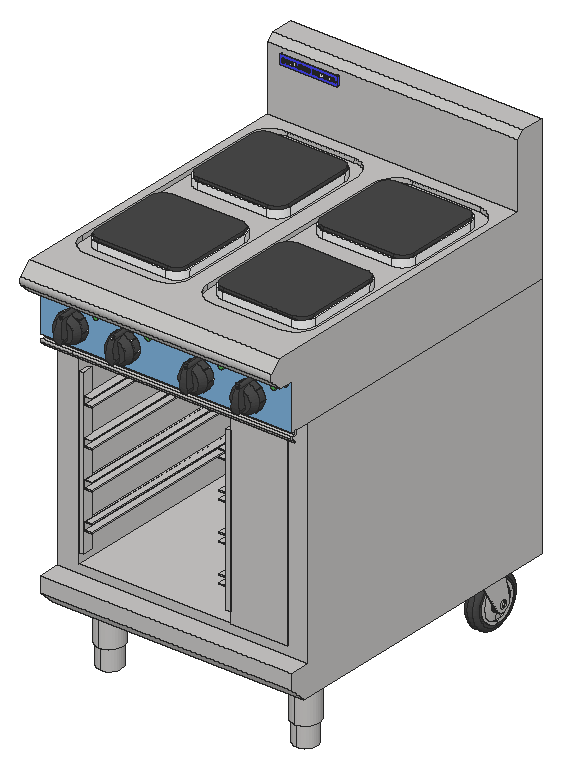
Revit family "QF_Moffat_E514S-CB_Electric_Cooktop_cat", category Specialty Equipment, Revit 2019
Family settings
  Round Connector Dimension = Use Diameter
  Part Type = Normal
  Work Plane-Based = No
  Always vertical = Yes
  Cut with Voids When Loaded = No
  Shared = No
  Room Calculation Point = No
Parameters (values of type "E514S-CB")
  Weight in Kilograms = 79
  Watts = 9130 W
  Volts = 415 V
  URL Cutsheet = ""
  Specification by User = ""
  Specification by Manufacturer = ""
  Show Logo [instance] = yes
  Show Legs [instance] = not(Show Castors)  # no
  Show Castors [instance] = yes
  Serial Number = ""
  Seismic Rating = ""
  SMACNA No = ""
  Revision Code = ""
  Phase = 2
  Number of Poles = 1
  NAFEM Spec ID Number = ""
  Model = "E514S-CB"
  Min Ckt Ampacity = 0 A
  Max Overcurrent Protection = 0 A
  Masterspec = ""
  Manufacturer = "Moffat"
  Length = 600 mm
  Item Number = ""
  Installed By = ""
  Identify Quantity as Lot = yes
  Height = 1085 mm
  HP = ""
  Furnished By = ""
  Foodservice Equipment Identifier = yes
  FL Amps = 22 A
  Electrical Remarks = ""
  Electric Connection Type = ""
  Elec Conn RI Height = 0 mm
  Elec Conn Connection Height = 0 mm
  Description = "Electric Cooktop"
  Depth = 812.2 mm
  Cycle = 60 Hz
  Conn Plug = ""
  Conn Conduit = yes
  CSI MasterFormat = ""
  Apparent Power = if(Phase = 3, Volts * FL Amps * 1.73, Volts * FL Amps)  # 9130 VA
Reference planes
  plane 1 "BACK": y = 0
  plane 2: z = 0
  plane 3 "LEFT": x = 0
  plane 4 "RIGHT": x = 600
  plane 5 "FRONT": y = -812.2
  plane 6 "TOP": z = 1085
  plane 7 "Center Y": x = 300
  plane 8 "Center X": y = -406.1
  plane 9: x = 65.5
  plane 10: x = 87.5
  plane 11: x = 211.766
  plane 12: y = -30
  plane 13: x = 470
  plane 14: x = 512.5
  plane 15: x = 388.234
  plane 16: x = 534.5
  plane 17: z = 150
  plane 18: y = -100
  plane 19: y = -625
  plane 20: z = 675
Forms (mm)
  Extrusion 1, solid, material "QF_Metal_Stainless_Polished"
    sketch origin (0, 0, 600) x (0, 1, 0) y (0, 0, 1)
      loop
        line (0, 140) -> (0, 485) -> (-55, 485) -> (-70, 470) -> (-70, 314.5) -> (-784.171, 314.5) -> (-808.685, 289.985)
        arc (-808.685, 289.985) -> (-812.2, 281.5) -> (-808.685, 273.015) r 12
        line (-808.685, 273.015) -> (-785.171, 249.5) -> (-749, 249.5) -> (-749, 140) -> (0, 140)
    from 0 to 600
  Extrusion 2, void
    sketch origin (0, -783.97, 914.5) x (0, 1, 0) y (-1, 0, 0)
      loop
        arc (683.77, -69) -> (669.125, -33.645) -> (633.77, -19) r 50
        line (633.77, -19) -> (133.569, -19)
        arc (133.569, -19) -> (98.214, -33.645) -> (83.569, -69) r 50
        line (83.569, -69) -> (83.569, -231)
        arc (83.569, -231) -> (98.214, -266.355) -> (133.569, -281) r 50
        line (133.569, -281) -> (633.77, -281)
        arc (633.77, -281) -> (669.125, -266.355) -> (683.77, -231) r 50
        line (683.77, -231) -> (683.77, -69)
      loop
        line (683.77, -531) -> (683.77, -369)
        arc (683.77, -369) -> (669.125, -333.645) -> (633.77, -319) r 50
        line (633.77, -319) -> (133.569, -319)
        arc (133.569, -319) -> (98.214, -333.645) -> (83.569, -369) r 50
        line (83.569, -369) -> (83.569, -531)
        arc (83.569, -531) -> (98.214, -566.355) -> (133.569, -581) r 50
        line (133.569, -581) -> (633.77, -581)
        arc (633.77, -581) -> (669.125, -566.355) -> (683.77, -531) r 50
    from 0 to -9.5
  Extrusion 3, solid, material "QF_Plastic_White_Smooth"
    sketch origin (0, -783.97, 905) x (0, 1, 0) y (-1, 0, 0)
      loop
        arc (647.77, -68) -> (638.397, -45.373) -> (615.77, -36) r 32
        line (615.77, -36) -> (451.569, -36)
        arc (451.569, -36) -> (428.942, -45.373) -> (419.569, -68) r 32
        line (419.569, -68) -> (419.569, -232)
        arc (419.569, -232) -> (428.942, -254.627) -> (451.569, -264) r 32
        line (451.569, -264) -> (615.77, -264)
        arc (615.77, -264) -> (638.397, -254.627) -> (647.77, -232) r 32
        line (647.77, -232) -> (647.77, -68)
      loop
        arc (347.569, -68) -> (338.197, -45.373) -> (315.569, -36) r 32
        line (315.569, -36) -> (151.569, -36)
        arc (151.569, -36) -> (128.942, -45.373) -> (119.569, -68) r 32
        line (119.569, -68) -> (119.569, -232)
        arc (119.569, -232) -> (128.942, -254.627) -> (151.569, -264) r 32
        line (151.569, -264) -> (315.569, -264)
        arc (315.569, -264) -> (338.197, -254.627) -> (347.569, -232) r 32
        line (347.569, -232) -> (347.569, -68)
      loop
        arc (647.77, -368) -> (638.397, -345.373) -> (615.77, -336) r 32
        line (615.77, -336) -> (451.569, -336)
        arc (451.569, -336) -> (428.942, -345.373) -> (419.569, -368) r 32
        line (419.569, -368) -> (419.569, -532)
        arc (419.569, -532) -> (428.942, -554.627) -> (451.569, -564) r 32
        line (451.569, -564) -> (615.77, -564)
        arc (615.77, -564) -> (638.397, -554.627) -> (647.77, -532) r 32
        line (647.77, -532) -> (647.77, -368)
      loop
        arc (347.569, -368) -> (338.197, -345.373) -> (315.569, -336) r 32
        line (315.569, -336) -> (151.569, -336)
        arc (151.569, -336) -> (128.942, -345.373) -> (119.569, -368) r 32
        line (119.569, -368) -> (119.569, -532)
        arc (119.569, -532) -> (128.942, -554.627) -> (151.569, -564) r 32
        line (151.569, -564) -> (315.569, -564)
        arc (315.569, -564) -> (338.197, -554.627) -> (347.569, -532) r 32
        line (347.569, -532) -> (347.569, -368)
    from 0 to 17.8
  Extrusion 4, solid, material "QF_Plastic_Black_Smooth"
    sketch origin (0, -783.97, 922.8) x (0, 1, 0) y (-1, 0, 0)
      loop
        arc (643.77, -67) -> (635.862, -47.908) -> (616.77, -40) r 27
        line (616.77, -40) -> (450.569, -40)
        arc (450.569, -40) -> (431.478, -47.908) -> (423.569, -67) r 27
        line (423.569, -67) -> (423.569, -233)
        arc (423.569, -233) -> (431.478, -252.092) -> (450.569, -260) r 27
        line (450.569, -260) -> (616.77, -260)
        arc (616.77, -260) -> (635.862, -252.092) -> (643.77, -233) r 27
        line (643.77, -233) -> (643.77, -67)
      loop
        arc (343.569, -67) -> (335.661, -47.908) -> (316.569, -40) r 27
        line (316.569, -40) -> (150.569, -40)
        arc (150.569, -40) -> (131.478, -47.908) -> (123.569, -67) r 27
        line (123.569, -67) -> (123.569, -233)
        arc (123.569, -233) -> (131.478, -252.092) -> (150.569, -260) r 27
        line (150.569, -260) -> (316.569, -260)
        arc (316.569, -260) -> (335.661, -252.092) -> (343.569, -233) r 27
        line (343.569, -233) -> (343.569, -67)
      loop
        line (643.77, -533) -> (643.77, -367)
        arc (643.77, -367) -> (635.862, -347.908) -> (616.77, -340) r 27
        line (616.77, -340) -> (450.569, -340)
        arc (450.569, -340) -> (431.478, -347.908) -> (423.569, -367) r 27
        line (423.569, -367) -> (423.569, -533)
        arc (423.569, -533) -> (431.478, -552.092) -> (450.569, -560) r 27
        line (450.569, -560) -> (616.77, -560)
        arc (616.77, -560) -> (635.862, -552.092) -> (643.77, -533) r 27
      loop
        line (343.569, -533) -> (343.569, -367)
        arc (343.569, -367) -> (335.661, -347.908) -> (316.569, -340) r 27
        line (316.569, -340) -> (150.569, -340)
        arc (150.569, -340) -> (131.478, -347.908) -> (123.569, -367) r 27
        line (123.569, -367) -> (123.569, -533)
        arc (123.569, -533) -> (131.478, -552.092) -> (150.569, -560) r 27
        line (150.569, -560) -> (316.569, -560)
        arc (316.569, -560) -> (335.661, -552.092) -> (343.569, -533) r 27
    from 0 to 6.1
  Extrusion 5, solid, material "QF_Metal_Stainless_Polished"
    sketch origin (0, 0, 600) x (0, 1, 0) y (0, 0, 1)
      loop
        line (-699, 85) -> (0, 85) -> (0, 140) -> (-699, 140) -> (-699, 85)
    from 0 to 600
  Extrusion 6, solid, material "QF_Metal_Stainless_Polished"
    sketch origin (0, 0, 600) x (0, 1, 0) y (0, 0, 1)
      loop
        line (-737.8, 140) -> (-737.8, 130) -> (-747.305, 130)
        arc (-747.305, 130) -> (-750.276, 128.015) -> (-749.579, 124.511) r 3.215
        line (-749.579, 124.511) -> (-739.05, 113.982) -> (-737.919, 115.113) -> (-748.447, 125.642)
        arc (-748.447, 125.642) -> (-748.797, 127.403) -> (-747.305, 128.4) r 1.615
        line (-747.305, 128.4) -> (-736.2, 128.4) -> (-736.2, 140) -> (-737.8, 140)
    from 0 to 600
  Extrusion 7, solid, material "QF_Metal_Stainless_Polished"
    sketch origin (300, 175.397, 1819.2) x (0, 1, 0) y (0, 0, 1)
      loop
        line (-874.397, -1109.2) -> (-896.434, -1109.2)
        arc (-896.434, -1109.2) -> (-898.034, -1110.8) -> (-896.434, -1112.4) r 1.6
        line (-896.434, -1112.4) -> (-874.397, -1112.4) -> (-874.397, -1109.2)
    from -250 to 250
  Extrusion 8, solid, material "QF_Paint_Green"
    sketch origin (0, -749, 740) x (0, 0, 1) y (-1, 0, 0)
      loop
        circle (84.8, -432.5) r 7.15
      loop
        circle (84.8, -557.5) r 7.15
      loop
        circle (84.8, -131.766) r 7.15
      loop
        circle (84.8, -256.766) r 7.15
    from 0 to 1.6
  Extrusion 9, solid, material "QF_Plastic_Black_Smooth"
    sketch origin (0, -749, 740) x (0, 0, 1) y (-1, 0, 0)
      loop
        circle (99.343, -13.157) r 5
      loop
        circle (99.343, -586.843) r 5
      loop
        circle (99.343, -87.503) r 5
      loop
        circle (99.343, -211.772) r 5
      loop
        circle (99.343, -388.244) r 5
      loop
        circle (99.343, -512.51) r 5
    from 0 to 1.6
  Extrusion 10, solid, material "QF_Metal_Stainless_Polished"
    sketch origin (-6096, 287.266, 675) x (0, 1, 0) y (-1, 0, 0)
      loop
        circle (-317.266, -6566) r 6.35
    from 0 to -1.6
  Extrusion 11, solid, material "QF_Metal_Stainless_Polished"
    sketch origin (-6096, 187.719, 150) x (0, 1, 0) y (-1, 0, 0)
      loop
        line (-187.719, -6096) -> (-886.719, -6096) -> (-886.719, -6146) -> (-235.719, -6146) -> (-235.719, -6646) -> (-886.719, -6646) -> (-886.719, -6696) -> (-187.719, -6696) -> (-187.719, -6096)
    from 0 to 535
  Extrusion 12, solid, material "QF_Metal_Stainless_Polished"
    sketch origin (0, 0, 0) x (0, 1, 0) y (0, 0, 1)
      loop
        line (-48, 150) -> (-48, 242.5) -> (-699, 242.5) -> (-699, 222.5) -> (-749, 222.5) -> (-749, 186) -> (-713, 150) -> (-48, 150)
    from 0 to 600
  Extrusion 13, solid, material "QF_Metal_Stainless_Polished"
    sketch origin (550, -48, 150) x (0, -1, 0) y (0, 0, 1)
      loop
        line (651, 92.5) -> (651, 535) -> (625.6, 535) -> (625.6, 92.5) -> (651, 92.5)
      loop
        line (0, 535) -> (0, 92.5) -> (25.4, 92.5) -> (25.4, 535) -> (0, 535)
    from 0 to 135.5
  Extrusion 14, solid, material "QF_Metal_Stainless_Polished"
    sketch origin (414.5, -48, 150) x (0, -1, 0) y (0, 0, 1)
      loop
        line (651, 507.5) -> (625.6, 507.5) -> (625.6, 117.5) -> (651, 117.5) -> (651, 507.5)
      loop
        line (25.4, 117.5) -> (25.4, 507.5) -> (0, 507.5) -> (0, 117.5) -> (25.4, 117.5)
    from 0 to 11.3
  Extrusion 15, solid, material "QF_Metal_Stainless_Polished"
    sketch origin (50, 0, 150) x (0, -1, 0) y (0, 0, -1)
      loop
        line (699, -507.5) -> (699, -117.5) -> (673.6, -117.5) -> (673.6, -507.5) -> (699, -507.5)
      loop
        line (75.4, -117.5) -> (48, -117.5) -> (48, -507.5) -> (75.4, -507.5) -> (75.4, -117.5)
    from 0 to 11.3
  Extrusion 16, solid, material "QF_Metal_Stainless_Polished"
    sketch origin (50, -48, 267.5) x (0, 0, 1) y (1, 0, 0)
      loop
        line (320, 334.2) -> (321.6, 334.2) -> (321.6, 351.6) -> (338.4, 351.6) -> (338.4, 334.2) -> (340, 334.2) -> (340, 353.2) -> (320, 353.2) -> (320, 334.2)
      loop
        line (230, 334.2) -> (231.6, 334.2) -> (231.6, 351.6) -> (248.4, 351.6) -> (248.4, 334.2) -> (250, 334.2) -> (250, 353.2) -> (230, 353.2) -> (230, 334.2)
      loop
        line (140, 334.2) -> (141.6, 334.2) -> (141.6, 351.6) -> (158.4, 351.6) -> (158.4, 334.2) -> (160, 334.2) -> (160, 353.2) -> (140, 353.2) -> (140, 334.2)
      loop
        line (50, 334.2) -> (51.6, 334.2) -> (51.6, 351.6) -> (68.4, 351.6) -> (68.4, 334.2) -> (70, 334.2) -> (70, 353.2) -> (50, 353.2) -> (50, 334.2)
    from 0 to -649
  Extrusion 17, solid, material "QF_Metal_Stainless_Polished"
    sketch origin (50, -48, 267.5) x (0, 0, 1) y (1, 0, 0)
      loop
        line (320, 30.3) -> (320, 11.3) -> (340, 11.3) -> (340, 30.3) -> (338.4, 30.3) -> (338.4, 12.9) -> (321.6, 12.9) -> (321.6, 30.3) -> (320, 30.3)
      loop
        line (230, 30.3) -> (230, 11.3) -> (250, 11.3) -> (250, 30.3) -> (248.4, 30.3) -> (248.4, 12.9) -> (231.6, 12.9) -> (231.6, 30.3) -> (230, 30.3)
      loop
        line (140, 30.3) -> (140, 11.3) -> (160, 11.3) -> (160, 30.3) -> (158.4, 30.3) -> (158.4, 12.9) -> (141.6, 12.9) -> (141.6, 30.3) -> (140, 30.3)
      loop
        line (50, 30.3) -> (50, 11.3) -> (70, 11.3) -> (70, 30.3) -> (68.4, 30.3) -> (68.4, 12.9) -> (51.6, 12.9) -> (51.6, 30.3) -> (50, 30.3)
    from 0 to -649
  Revolve 18, solid, material "QF_Metal_Stainless_Polished"
    sketch origin (65.5, -4572, -304.8) x (0, 0, -1) y (0, -1, 0)
      loop
        line (-304.8, -3947) -> (-454.8, -3947) -> (-454.8, -3978.75) -> (-354.8, -3978.75) -> (-354.8, -3974.5) -> (-304.8, -3974.5) -> (-304.8, -3947)
      axis (-454.8, -3947) -> (-304.8, -3947)
    angle from 0 to 360
  Revolve 19, solid, material "QF_Metal_Stainless_Polished"
    sketch origin (534.5, -4572, -304.8) x (0, 0, -1) y (0, 1, 0)
      loop
        line (-304.8, 3947) -> (-304.8, 3974.5) -> (-354.8, 3974.5) -> (-354.8, 3978.75) -> (-454.8, 3978.75) -> (-454.8, 3947) -> (-304.8, 3947)
      axis (-454.8, 3947) -> (-304.8, 3947)
    angle from 0 to 360
  Revolve 20, solid, material "QF_Metal_Stainless_Polished", visible <- "Show Legs"
    sketch origin (65.5, -4047, -304.8) x (0, 0, -1) y (0, -1, 0)
      loop
        line (-304.8, -3947) -> (-454.8, -3947) -> (-454.8, -3978.75) -> (-354.8, -3978.75) -> (-354.8, -3974.5) -> (-304.8, -3974.5) -> (-304.8, -3947)
      axis (-454.8, -3947) -> (-304.8, -3947)
    angle from 0 to 360
  Revolve 21, solid, material "QF_Metal_Stainless_Polished", visible <- "Show Legs"
    sketch origin (534.5, -4047, -304.8) x (0, 0, -1) y (0, 1, 0)
      loop
        line (-304.8, 3947) -> (-304.8, 3974.5) -> (-354.8, 3974.5) -> (-354.8, 3978.75) -> (-454.8, 3978.75) -> (-454.8, 3947) -> (-304.8, 3947)
      axis (-454.8, 3947) -> (-304.8, 3947)
    angle from 0 to 360
Cuts and joins
  Extrusion 2 cuts Extrusion 1
  joined: Extrusion 5, Extrusion 11, Extrusion 12
Lines and regions (mm)
  symbolic lines
    curve 1: line (0, 0, 0) -> (600, 0, 0)
    curve 2: line (0, -812.2, 0) -> (0, 0, 0)
    curve 3: line (600, -812.2, 0) -> (0, -812.2, 0)
    curve 4: line (600, 0, 0) -> (600, -812.2, 0)
    curve 5: line (0, -784.171, 0) -> (600, -784.171, 0)
    curve 6: arc (69, -700.2, 0) -> (33.645, -685.555, 0) -> (19, -650.2, 0) r 50
    curve 7: line (19, -650.2, 0) -> (19, -150.2, 0)
    curve 8: arc (19, -150.2, 0) -> (33.645, -114.845, 0) -> (69, -100.2, 0) r 50
    curve 9: line (69, -100.2, 0) -> (231, -100.2, 0)
    curve 10: arc (231, -100.2, 0) -> (266.355, -114.845, 0) -> (281, -150.2, 0) r 50
    curve 11: line (281, -150.2, 0) -> (281, -650.2, 0)
    curve 12: arc (281, -650.2, 0) -> (266.355, -685.555, 0) -> (231, -700.2, 0) r 50
    curve 13: line (231, -700.2, 0) -> (69, -700.2, 0)
    curve 14: arc (369, -700.2, 0) -> (333.645, -685.555, 0) -> (319, -650.2, 0) r 50
    curve 15: line (319, -650.2, 0) -> (319, -150.2, 0)
    curve 16: arc (319, -150.2, 0) -> (333.645, -114.845, 0) -> (369, -100.2, 0) r 50
    curve 17: line (369, -100.2, 0) -> (531, -100.2, 0)
    curve 18: arc (531, -100.2, 0) -> (566.355, -114.845, 0) -> (581, -150.2, 0) r 50
    curve 19: line (581, -150.2, 0) -> (581, -650.2, 0)
    curve 20: arc (581, -650.2, 0) -> (566.355, -685.555, 0) -> (531, -700.2, 0) r 50
    curve 21: line (531, -700.2, 0) -> (369, -700.2, 0)
    curve 22: arc (232, -664.2, 0) -> (254.627, -654.827, 0) -> (264, -632.2, 0) r 32
    curve 23: line (264, -632.2, 0) -> (264, -468.2, 0)
    curve 24: arc (264, -468.2, 0) -> (254.627, -445.573, 0) -> (232, -436.2, 0) r 32
    curve 25: line (232, -436.2, 0) -> (68, -436.2, 0)
    curve 26: arc (68, -436.2, 0) -> (45.373, -445.573, 0) -> (36, -468.2, 0) r 32
    curve 27: line (36, -468.2, 0) -> (36, -632.2, 0)
    curve 28: arc (36, -632.2, 0) -> (45.373, -654.827, 0) -> (68, -664.2, 0) r 32
    curve 29: line (68, -664.2, 0) -> (232, -664.2, 0)
    curve 30: arc (233, -660.2, 0) -> (252.092, -652.292, 0) -> (260, -633.2, 0) r 27
    curve 31: line (260, -633.2, 0) -> (260, -467.2, 0)
    curve 32: arc (260, -467.2, 0) -> (252.092, -448.108, 0) -> (233, -440.2, 0) r 27
    curve 33: line (233, -440.2, 0) -> (67, -440.2, 0)
    curve 34: arc (67, -440.2, 0) -> (47.908, -448.108, 0) -> (40, -467.2, 0) r 27
    curve 35: line (40, -467.2, 0) -> (40, -633.2, 0)
    curve 36: arc (40, -633.2, 0) -> (47.908, -652.292, 0) -> (67, -660.2, 0) r 27
    curve 37: line (67, -660.2, 0) -> (233, -660.2, 0)
    curve 38: arc (336, -632.2, 0) -> (345.373, -654.827, 0) -> (368, -664.2, 0) r 32
    curve 39: line (368, -664.2, 0) -> (532, -664.2, 0)
    curve 40: arc (532, -664.2, 0) -> (554.627, -654.827, 0) -> (564, -632.2, 0) r 32
    curve 41: line (564, -632.2, 0) -> (564, -468.2, 0)
    curve 42: arc (564, -468.2, 0) -> (554.627, -445.573, 0) -> (532, -436.2, 0) r 32
    curve 43: line (532, -436.2, 0) -> (368, -436.2, 0)
    curve 44: arc (368, -436.2, 0) -> (345.373, -445.573, 0) -> (336, -468.2, 0) r 32
    curve 45: line (336, -468.2, 0) -> (336, -632.2, 0)
    curve 46: arc (340, -633.2, 0) -> (347.908, -652.292, 0) -> (367, -660.2, 0) r 27
    curve 47: line (367, -660.2, 0) -> (533, -660.2, 0)
    curve 48: arc (533, -660.2, 0) -> (552.092, -652.292, 0) -> (560, -633.2, 0) r 27
    curve 49: line (560, -633.2, 0) -> (560, -467.2, 0)
    curve 50: arc (560, -467.2, 0) -> (552.092, -448.108, 0) -> (533, -440.2, 0) r 27
    curve 51: line (533, -440.2, 0) -> (367, -440.2, 0)
    curve 52: arc (367, -440.2, 0) -> (347.908, -448.108, 0) -> (340, -467.2, 0) r 27
    curve 53: line (340, -467.2, 0) -> (340, -633.2, 0)
    curve 54: arc (340, -333.2, 0) -> (347.908, -352.292, 0) -> (367, -360.2, 0) r 27
    curve 55: line (367, -360.2, 0) -> (533, -360.2, 0)
    curve 56: arc (533, -360.2, 0) -> (552.092, -352.292, 0) -> (560, -333.2, 0) r 27
    curve 57: line (560, -333.2, 0) -> (560, -167.2, 0)
    curve 58: arc (560, -167.2, 0) -> (552.092, -148.108, 0) -> (533, -140.2, 0) r 27
    curve 59: line (533, -140.2, 0) -> (367, -140.2, 0)
    curve 60: arc (367, -140.2, 0) -> (347.908, -148.108, 0) -> (340, -167.2, 0) r 27
    curve 61: line (340, -167.2, 0) -> (340, -333.2, 0)
    curve 62: arc (336, -332.2, 0) -> (345.373, -354.827, 0) -> (368, -364.2, 0) r 32
    curve 63: line (368, -364.2, 0) -> (532, -364.2, 0)
    curve 64: arc (532, -364.2, 0) -> (554.627, -354.827, 0) -> (564, -332.2, 0) r 32
    curve 65: line (564, -332.2, 0) -> (564, -168.2, 0)
    curve 66: arc (564, -168.2, 0) -> (554.627, -145.573, 0) -> (532, -136.2, 0) r 32
    curve 67: line (532, -136.2, 0) -> (368, -136.2, 0)
    curve 68: arc (368, -136.2, 0) -> (345.373, -145.573, 0) -> (336, -168.2, 0) r 32
    curve 69: line (336, -168.2, 0) -> (336, -332.2, 0)
    curve 70: arc (232, -364.2, 0) -> (254.627, -354.827, 0) -> (264, -332.2, 0) r 32
    curve 71: line (264, -332.2, 0) -> (264, -168.2, 0)
    curve 72: arc (264, -168.2, 0) -> (254.627, -145.573, 0) -> (232, -136.2, 0) r 32
    curve 73: line (232, -136.2, 0) -> (68, -136.2, 0)
    curve 74: arc (68, -136.2, 0) -> (45.373, -145.573, 0) -> (36, -168.2, 0) r 32
    curve 75: line (36, -168.2, 0) -> (36, -332.2, 0)
    curve 76: arc (36, -332.2, 0) -> (45.373, -354.827, 0) -> (68, -364.2, 0) r 32
    curve 77: line (68, -364.2, 0) -> (232, -364.2, 0)
    curve 78: arc (233, -360.2, 0) -> (252.092, -352.292, 0) -> (260, -333.2, 0) r 27
    curve 79: line (260, -333.2, 0) -> (260, -167.2, 0)
    curve 80: arc (260, -167.2, 0) -> (252.092, -148.108, 0) -> (233, -140.2, 0) r 27
    curve 81: line (233, -140.2, 0) -> (67, -140.2, 0)
    curve 82: arc (67, -140.2, 0) -> (47.908, -148.108, 0) -> (40, -167.2, 0) r 27
    curve 83: line (40, -167.2, 0) -> (40, -333.2, 0)
    curve 84: arc (40, -333.2, 0) -> (47.908, -352.292, 0) -> (67, -360.2, 0) r 27
    curve 85: line (67, -360.2, 0) -> (233, -360.2, 0)
    curve 86: line (0, -70, 0) -> (600, -70, 0)
    curve 87: line (0, -55, 0) -> (600, -55, 0)
Dimensions and locks
  equal spacing: plane 3 "LEFT", plane 7 "Center Y", plane 4 "RIGHT"
  "Length": plane 3 "LEFT" to plane 4 "RIGHT"
  equal spacing: plane 5 "FRONT", plane 8 "Center X", plane 1 "BACK"
  "Depth": plane 5 "FRONT" to plane 1 "BACK"
  "Height": plane 6 "TOP" to level
  plane 4 "RIGHT" to plane 3 "LEFT" = 600 mm
  plane 1 "BACK" to cut or joined group of Extrusion 1, Extrusion 2 = 70 mm
  plane 1 "BACK" to plane 5 "FRONT" = 812.2 mm
  plane 6 "TOP" to plane 2 = 1085 mm
  cut or joined group of Extrusion 1, Extrusion 2 to plane 2 = 914.5 mm
  plane 13 to plane 4 "RIGHT" = 130 mm
  plane 9 to plane 16 = 469 mm
  plane 17 to plane 2 = 150 mm
  plane 1 "BACK" to plane 18 = 100 mm
  plane 18 to plane 19 = 525 mm
  plane 20 to plane 2 = 675 mm
  plane 1 "BACK" to plane 12 = 30 mm
  aligned and locked: level to plane 2
Automatic sketch dimensions
  plane 1 "BACK" to curve 1 = 0 mm
  curve 1 to plane 3 "LEFT" = 0 mm
  curve 4 to plane 4 "RIGHT" = 0 mm
  plane 5 "FRONT" to curve 3 = 0 mm
  plane 3 "LEFT" to curve 7 = 19 mm
  plane 9 to curve 27 = 29.5 mm
  curve 8 to curve 75 = 17 mm
  curve 74 to curve 83 = 4 mm
  curve 26 to curve 35 = 4 mm
  curve 33 to plane 9 = 1.5 mm
  curve 37 to plane 9 = 1.5 mm
  curve 84 to plane 9 = 1.5 mm
  curve 81 to plane 9 = 1.5 mm
  curve 25 to plane 9 = 2.5 mm
  curve 82 to curve 74 = 1 mm
  curve 36 to curve 28 = 1 mm
  curve 84 to curve 76 = 1 mm
  plane 18 to curve 9 = 0.2 mm
  curve 9 to plane 9 = 3.5 mm
  curve 6 to plane 9 = 3.5 mm
  plane 11 to curve 9 = 19.234 mm
  plane 11 to curve 12 = 19.234 mm
  plane 11 to curve 25 = 20.234 mm
  plane 11 to curve 77 = 20.234 mm
  curve 10 to curve 72 = 1 mm
  curve 12 to curve 29 = 1 mm
  curve 24 to curve 32 = 1 mm
  curve 70 to curve 85 = 1 mm
  curve 72 to curve 81 = 1 mm
  curve 22 to curve 30 = 1 mm
  curve 32 to curve 31 = 27 mm
  curve 78 to curve 79 = 27 mm
  curve 31 to curve 23 = 4 mm
  curve 79 to curve 71 = 4 mm
  curve 11 to plane 7 "Center Y" = 19 mm
  plane 7 "Center Y" to curve 15 = 19 mm
  plane 19 to curve 45 = 7.2 mm
  curve 15 to curve 45 = 17 mm
  plane 7 "Center Y" to curve 69 = 36 mm
  curve 62 to curve 61 = 4 mm
  curve 38 to curve 53 = 4 mm
  plane 15 to curve 52 = 21.234 mm
  plane 15 to curve 54 = 21.234 mm
  plane 15 to curve 60 = 21.234 mm
  plane 15 to curve 47 = 21.234 mm
  curve 46 to curve 38 = 1 mm
  curve 52 to curve 44 = 1 mm
  curve 60 to curve 68 = 1 mm
  curve 54 to curve 62 = 1 mm
  plane 15 to curve 21 = 19.234 mm
  plane 18 to curve 17 = 0.2 mm
  plane 15 to curve 17 = 19.234 mm
  curve 20 to plane 16 = 3.5 mm
  curve 18 to plane 16 = 3.5 mm
  curve 67 to plane 16 = 2.5 mm
  curve 39 to plane 16 = 2.5 mm
  curve 63 to plane 16 = 2.5 mm
  curve 42 to plane 16 = 2.5 mm
  curve 42 to curve 50 = 1 mm
  curve 64 to curve 56 = 1 mm
  curve 66 to curve 58 = 1 mm
  curve 47 to plane 16 = 1.5 mm
  plane 16 to curve 57 = 25.5 mm
  plane 16 to curve 49 = 25.5 mm
  curve 58 to curve 65 = 4 mm
  curve 49 to curve 41 = 4 mm
  plane 4 "RIGHT" to curve 19 = 19 mm
  plane 19 to curve 13 = 75.2 mm
  curve 21 to curve 39 = 36 mm
  curve 29 to curve 6 = 14 mm
  curve 38 to curve 47 = 4 mm
  curve 28 to curve 37 = 4 mm
  curve 23 to plane 8 "Center X" = 62.1 mm
  curve 41 to plane 8 "Center X" = 62.1 mm
  curve 26 to curve 34 = 1 mm
  curve 44 to curve 52 = 1 mm
  plane 8 "Center X" to curve 63 = 41.9 mm
  plane 8 "Center X" to curve 77 = 41.9 mm
  curve 76 to curve 85 = 4 mm
  curve 64 to curve 55 = 4 mm
  curve 69 to curve 16 = 18 mm
  curve 71 to curve 10 = 18 mm
  curve 74 to curve 82 = 1 mm
  curve 65 to curve 57 = 1 mm
  curve 2 to curve 5 = 28.029 mm
  curve 86 to plane 18 = 30 mm
  curve 86 to curve 87 = 15 mm
  Extrusion 1 sketch curve to plane 6 "TOP" = 0 mm
  Extrusion 1 sketch curve to plane 1 "BACK" = 0 mm
  plane 12 to Extrusion 1 sketch curve = 25 mm
  Extrusion 1 sketch curve to plane 6 "TOP" = 15 mm
  Extrusion 1 sketch curve to Extrusion 1 sketch curve = 15 mm
  Extrusion 1 sketch curve to plane 5 "FRONT" = 63.2 mm
  Extrusion 1 sketch curve to plane 5 "FRONT" = 28.029 mm
  Extrusion 1 sketch curve to plane 5 "FRONT" = 27.029 mm
  Extrusion 1 sketch curve to plane 5 "FRONT" = 12 mm
  Extrusion 1 sketch curve to plane 5 "FRONT" = 3.515 mm  (x2)
  Extrusion 1 sketch curve to plane 6 "TOP" = 170.5 mm
  Extrusion 1 sketch curve to Extrusion 1 sketch curve = 24.515 mm
  Extrusion 1 sketch curve to Extrusion 1 sketch curve = 8.485 mm
  Extrusion 1 sketch curve to Extrusion 1 sketch curve = 32 mm
  plane 20 to Extrusion 1 sketch curve = 65 mm
  Extrusion 2 sketch curve to Extrusion 1 = 83.77 mm  (x2)
  Extrusion 1 to Extrusion 2 sketch curve = 19 mm
  Extrusion 2 sketch curve to Extrusion 2 sketch curve = 50 mm  (x4)
  Extrusion 1 to Extrusion 2 sketch curve = 80.2 mm  (x3)
  Extrusion 2 sketch curve to Extrusion 2 sketch curve = 0 mm
  Extrusion 1 to Extrusion 2 sketch curve = 30.2 mm  (x2)
  Extrusion 2 sketch curve to Extrusion 2 sketch curve = 162 mm
  Extrusion 2 sketch curve to Extrusion 2 sketch curve = 38 mm
  Extrusion 1 to Extrusion 2 sketch curve = 69 mm
  Extrusion 3 sketch curve to Extrusion 2 = 36 mm  (x2)
  Extrusion 3 sketch curve to Extrusion 3 sketch curve = 32 mm  (x13)
  Extrusion 3 sketch curve to Extrusion 2 = 17 mm  (x6)
  Extrusion 3 sketch curve to Extrusion 2 = 49 mm  (x3)
  Extrusion 3 sketch curve to Extrusion 3 sketch curve = 164 mm  (x2)
  Extrusion 3 sketch curve to Extrusion 3 sketch curve = 72 mm  (x2)
  Extrusion 3 sketch curve to Extrusion 2 = 68 mm  (x4)
  Extrusion 4 sketch curve to Extrusion 3 = 4 mm  (x15)
  Extrusion 4 sketch curve to Extrusion 4 sketch curve = 27 mm  (x6)
  Extrusion 4 sketch curve to Extrusion 3 = 31 mm  (x11)
  Extrusion 5 sketch curve to plane 1 "BACK" = 0 mm
  plane 20 to Extrusion 5 sketch curve = 10 mm
  plane 19 to Extrusion 5 sketch curve = 74 mm
  Extrusion 5 sketch curve to Extrusion 5 sketch curve = 55 mm
  Extrusion 6 sketch curve to Extrusion 6 sketch curve = 0 mm  (x2)
  Extrusion 6 sketch curve to plane 5 "FRONT" = 62.621 mm
  Extrusion 6 sketch curve to Extrusion 6 sketch curve = 1.131 mm  (x2)
  Extrusion 6 sketch curve to Extrusion 6 sketch curve = 1.142 mm  (x2)
  plane 20 to Extrusion 6 sketch curve = 38.982 mm
  Extrusion 6 sketch curve to Extrusion 6 sketch curve = 10.529 mm
  plane 20 to Extrusion 6 sketch curve = 40.113 mm
  Extrusion 6 sketch curve to Extrusion 6 sketch curve = 9.505 mm
  Extrusion 6 sketch curve to Extrusion 6 sketch curve = 1.6 mm
  Extrusion 6 sketch curve to Extrusion 6 sketch curve = 10 mm
  plane 20 to Extrusion 7 sketch curve = 35 mm
  Extrusion 7 sketch curve to plane 5 "FRONT" = 91.163 mm
  Extrusion 7 sketch curve to Extrusion 7 sketch curve = 22.037 mm
  Extrusion 7 sketch curve to Extrusion 7 sketch curve = 1.6 mm
  Extrusion 1 to Extrusion 8 sketch curve = 24.7 mm  (x4)
  Extrusion 1 to Extrusion 8 sketch curve = 42.5 mm
  Extrusion 8 sketch curve to Extrusion 8 sketch curve = 125 mm  (x2)
  Extrusion 8 sketch curve to Extrusion 8 sketch curve = 175.734 mm
  plane 12 to Extrusion 10 sketch curve = 0 mm
  Extrusion 10 sketch curve to plane 13 = 0 mm
  Extrusion 11 sketch curve to plane 3 "LEFT" = 0 mm
  Extrusion 11 sketch curve to plane 4 "RIGHT" = 0 mm
  plane 1 "BACK" to Extrusion 11 sketch curve = 0 mm
  plane 12 to Extrusion 11 sketch curve = 18 mm
  plane 19 to Extrusion 11 sketch curve = 74 mm  (x2)
  plane 16 to Extrusion 11 sketch curve = 15.5 mm
  plane 9 to Extrusion 11 sketch curve = 15.5 mm
  Extrusion 12 sketch curve to plane 17 = 0 mm
  Extrusion 12 sketch curve to plane 5 "FRONT" = 63.2 mm
  Extrusion 12 sketch curve to Extrusion 12 sketch curve = 36 mm
  Extrusion 12 sketch curve to Extrusion 12 sketch curve = 50 mm
  plane 12 to Extrusion 12 sketch curve = 18 mm
  plane 17 to Extrusion 12 sketch curve = 36 mm
  Extrusion 12 sketch curve to Extrusion 12 sketch curve = 36.5 mm
  Extrusion 12 sketch curve to Extrusion 12 sketch curve = 92.5 mm
  Extrusion 13 sketch curve to Extrusion 11 = 0 mm  (x2)
  Extrusion 11 to Extrusion 13 sketch curve = 0 mm  (x2)
  Extrusion 11 to Extrusion 13 sketch curve = 25.4 mm
  Extrusion 13 sketch curve to Extrusion 13 sketch curve = 25.4 mm
  Extrusion 11 to Extrusion 13 sketch curve = 92.5 mm  (x2)
  Extrusion 14 sketch curve to Extrusion 13 = 0 mm  (x4)
  Extrusion 14 sketch curve to Extrusion 13 = 25 mm  (x2)
  Extrusion 14 sketch curve to Extrusion 13 = 27.5 mm  (x2)
  plane 12 to Extrusion 15 sketch curve = 18 mm
  Extrusion 15 sketch curve to plane 18 = 24.6 mm
  Extrusion 15 sketch curve to plane 20 = 17.5 mm  (x2)
  plane 19 to Extrusion 15 sketch curve = 48.6 mm
  Extrusion 15 sketch curve to Extrusion 15 sketch curve = 25.4 mm
  plane 17 to Extrusion 15 sketch curve = 117.5 mm  (x2)
  Extrusion 16 sketch curve to Extrusion 15 = 50 mm
  Extrusion 16 sketch curve to Extrusion 16 sketch curve = 1.6 mm  (x12)
  Extrusion 16 sketch curve to Extrusion 16 sketch curve = 16.8 mm  (x4)
  Extrusion 16 sketch curve to Extrusion 16 sketch curve = 70 mm  (x3)
  Extrusion 16 sketch curve to Extrusion 15 = 322.9 mm
  Extrusion 16 sketch curve to Extrusion 16 sketch curve = 0 mm  (x7)
  Extrusion 16 sketch curve to Extrusion 16 sketch curve = 17.4 mm  (x4)
  Extrusion 15 to Extrusion 17 sketch curve = 0 mm  (x4)
  Extrusion 17 sketch curve to Extrusion 15 = 19 mm  (x4)
  Extrusion 17 sketch curve to Extrusion 15 = 50 mm
  Extrusion 17 sketch curve to Extrusion 17 sketch curve = 1.6 mm  (x8)
  Extrusion 17 sketch curve to Extrusion 15 = 1.6 mm  (x4)
  Extrusion 17 sketch curve to Extrusion 17 sketch curve = 16.8 mm  (x4)
  Extrusion 17 sketch curve to Extrusion 17 sketch curve = 70 mm  (x3)
  Extrusion 17 sketch curve to Extrusion 17 sketch curve = 17.4 mm  (x3)
  Extrusion 17 sketch curve to Extrusion 17 sketch curve = 0 mm
  Revolve 18 sketch curve to plane 17 = 0 mm
  Revolve 18 sketch curve to level = 0 mm  (x2)
  Revolve 18 sketch curve to plane 19 = 0 mm  (x2)
  Revolve 18 sketch curve to Revolve 18 sketch curve = 50 mm
  Revolve 18 sketch curve to plane 19 = 27.5 mm
  Revolve 18 sketch curve to plane 19 = 31.75 mm
  Revolve 18 sketch curve to Revolve 18 sketch curve = 35 mm
  Revolve 19 sketch curve to plane 17 = 0 mm
  Revolve 19 sketch curve to level = 0 mm  (x2)
  Revolve 19 sketch curve to plane 19 = 0 mm  (x2)
  Revolve 19 sketch curve to Revolve 19 sketch curve = 50 mm
  Revolve 19 sketch curve to Revolve 19 sketch curve = 27.5 mm
  Revolve 19 sketch curve to Revolve 19 sketch curve = 31.75 mm
  Revolve 19 sketch curve to Revolve 19 sketch curve = 35 mm
  Revolve 20 sketch curve to plane 17 = 0 mm
  Revolve 20 sketch curve to level = 0 mm  (x2)
  Revolve 20 sketch curve to plane 18 = 0 mm  (x2)
  Revolve 20 sketch curve to Revolve 20 sketch curve = 50 mm
  Revolve 20 sketch curve to plane 18 = 27.5 mm
  Revolve 20 sketch curve to Revolve 20 sketch curve = 31.75 mm
  Revolve 20 sketch curve to level = 35 mm
  Revolve 21 sketch curve to plane 17 = 0 mm
  Revolve 21 sketch curve to level = 0 mm  (x2)
  Revolve 21 sketch curve to plane 18 = 0 mm  (x2)
  Revolve 21 sketch curve to Revolve 21 sketch curve = 50 mm
  Revolve 21 sketch curve to Revolve 21 sketch curve = 27.5 mm
  Revolve 21 sketch curve to Revolve 21 sketch curve = 31.75 mm
  Revolve 21 sketch curve to level = 35 mm
  Extrusion 1 to Extrusion 9 sketch curve = 10.157 mm  (x6)
  Extrusion 1 to Extrusion 9 sketch curve = 13.157 mm  (x2)
  Extrusion 9 sketch curve to Extrusion 9 sketch curve = 74.333 mm
  Extrusion 9 sketch curve to Extrusion 9 sketch curve = 124.266 mm
  Extrusion 9 sketch curve to Extrusion 9 sketch curve = 176.472 mm
  Extrusion 1 to Extrusion 9 sketch curve = 87.503 mm
  radius of Extrusion 8 sketch curve = 7.15 mm  (x4)
  radius of Extrusion 10 sketch curve = 6.35 mm
  radius of Extrusion 9 sketch curve = 5 mm  (x6)
Nested families
  nested 1: "Knob" at (55.003, -749, 762.803), type "Knob"
  nested 2: "Knob" at (179.269, -749, 762.803), type "Knob"
  nested 3: "QF_LOGO_BLue Seal" at (32, -70, 1033.885), visible <- "Show Logo", type "QF_LOGO_BLue Seal"
  nested 4: "Knob" at (355.738, -749, 762.803), type "Knob"
  nested 5: "Knob" at (480.003, -749, 762.803), type "Knob"
  nested 6: "6 INCHES 02_CASTER" at (534.5, -100, 0), Show Casters <- "Show Castors", type "6 INCHES 02_CASTER"
    with Type Mark "", Specification by User "", Show Casters yes, Revision Code "", Item Number "", Installed By "", Identify Quantity as Lot yes, Furnished By "", Foodservice Equipment Identifier yes
  nested 7: "6 INCHES 02_CASTER" at (65.5, -100, 0), Show Casters <- "Show Castors", type "6 INCHES 02_CASTER"
    with Type Mark "", Specification by User "", Show Casters yes, Revision Code "", Item Number "", Installed By "", Identify Quantity as Lot yes, Furnished By "", Foodservice Equipment Identifier yes
Connectors
  electrical at (470, -30, 673.4), driven by "Volts", driven by "Watts"
    settings: on Extrusion 10, index 1, voltage 415 V, apparent load 9130 VA, apparent load phase1 0 VA, apparent load phase2 0 VA, apparent load phase3 0 VA, power factor 1, load classification "Other", number of poles 1, system type 30, power factor state 1, is connector primary yes, connector utility no, sub classification motor no, connector description "Electrical Connection"
Definition of nested family "Knob"
  Parameters (values of type "Knob")
    Weight in Pounds = 0
    URL Cutsheet = ""
    Specification by User = ""
    Specification by Manufacturer = ""
    Serial Number = ""
    Seismic Rating = ""
    SMACNA No = ""
    Revision Code = ""
    NAFEM Spec ID Number = ""
    Masterspec = ""
    Length = 65 mm
    Item Number = ""
    Installed By = ""
    Identify Quantity as Lot = yes
    Height = 69.5 mm
    Furnished By = ""
    Foodservice Equipment Identifier = yes
    Depth = 59 mm
    CSI MasterFormat = ""
  Reference planes
    plane 1 "BACK": y = 0
    plane 2: z = 0
    plane 3 "LEFT": x = 0
    plane 4 "RIGHT": x = 65
    plane 5 "FRONT": y = -59
    plane 6 "TOP": z = 69.5
    plane 7 "Center Y": x = 32.5
    plane 8 "Center X": y = -29.5
  Forms (mm)
    Revolve 1, solid
      sketch origin (32.5, 175.397, 1219.2) x (0, 1, 0) y (0, 0, 1)
        loop
          line (-175.397, -1186.7) -> (-219.397, -1186.7) -> (-219.397, -1211.501) -> (-202.106, -1219.2) -> (-185.397, -1219.2) -> (-185.397, -1191.7) -> (-175.397, -1191.7) -> (-175.397, -1186.7)
        axis (-219.397, -1186.7) -> (-175.397, -1186.7)
      angle from 0 to 360
    Extrusion 2, solid
      sketch origin (32.5, 175.397, 1219.2) x (0, 1, 0) y (0, 0, 1)
        loop
          line (-202.106, -1154.2) -> (-185.397, -1154.2) -> (-185.397, -1149.7) -> (-224.105, -1149.7)
          arc (-224.105, -1149.7) -> (-233.965, -1178.467) -> (-230.696, -1208.7) r 70
          line (-230.696, -1208.7) -> (-219.397, -1208.7) -> (-219.397, -1161.899) -> (-202.106, -1154.2)
      from -15 to 15
    Extrusion 3, void
      sketch origin (0, 0, 0) x (1, 0, 0) y (0, 0, 1)
        loop
          line (27.501, 64.613) -> (22.02, 20.585)
          arc (22.02, 20.585) -> (32.792, 10.488) -> (42.986, 21.169) r 10.487
          line (42.986, 21.169) -> (37.499, 64.613)
          arc (37.499, 64.613) -> (32.5, 69.5) -> (27.501, 64.613) r 5
        loop
          line (10, 72.977) -> (10, 5.625) -> (55, 5.625) -> (55, 72.977) -> (10, 72.977)
      from 6.142 to 69.687
    Extrusion 4, solid
      sketch origin (0, -34.115, -16.916) x (1, 0, 0) y (0, 0.45399, 0.891007)
        loop
          circle (32.497, 65) r 2
      from 51.525 to 53.075
    Extrusion 5, solid
      sketch origin (32.5, -10, 32.5) x (0, 0, -1) y (-1, 0, 0)
        loop
          line (-23.54, -22.408) -> (-24.106, -22.974)
          arc (-24.106, -22.974) -> (-23.547, -23.547) -> (-22.974, -24.106) r 33.3
          line (-22.974, -24.106) -> (-22.408, -23.54)
          arc (-22.408, -23.54) -> (-22.981, -22.981) -> (-23.54, -22.408) r 32.5
        loop
          arc (-0.8, -33.29) -> (0, -33.3) -> (0.8, -33.29) r 33.3
          line (0.8, -33.29) -> (0.8, -32.49)
          arc (0.8, -32.49) -> (0, -32.5) -> (-0.8, -32.49) r 32.5
          line (-0.8, -32.49) -> (-0.8, -33.29)
        loop
          arc (23.54, -22.408) -> (22.981, -22.981) -> (22.408, -23.54) r 32.5
          line (22.408, -23.54) -> (22.974, -24.106)
          arc (22.974, -24.106) -> (23.547, -23.547) -> (24.106, -22.974) r 33.3
          line (24.106, -22.974) -> (23.54, -22.408)
        loop
          arc (-23.54, 22.408) -> (-22.981, 22.981) -> (-22.408, 23.54) r 32.5
          line (-22.408, 23.54) -> (-22.974, 24.106)
          arc (-22.974, 24.106) -> (-23.547, 23.547) -> (-24.106, 22.974) r 33.3
          line (-24.106, 22.974) -> (-23.54, 22.408)
        loop
          line (-0.8, 33.29) -> (-0.8, 32.49)
          arc (-0.8, 32.49) -> (0, 32.5) -> (0.8, 32.49) r 32.5
          line (0.8, 32.49) -> (0.8, 33.29)
          arc (0.8, 33.29) -> (0, 33.3) -> (-0.8, 33.29) r 33.3
        loop
          line (32.49, -0.8) -> (33.29, -0.8)
          arc (33.29, -0.8) -> (33.3, 0) -> (33.29, 0.8) r 33.3
          line (33.29, 0.8) -> (32.49, 0.8)
          arc (32.49, 0.8) -> (32.5, 0) -> (32.49, -0.8) r 32.5
        loop
          arc (24.106, 22.974) -> (23.547, 23.547) -> (22.974, 24.106) r 33.3
          line (22.974, 24.106) -> (22.408, 23.54)
          arc (22.408, 23.54) -> (22.981, 22.981) -> (23.54, 22.408) r 32.5
          line (23.54, 22.408) -> (24.106, 22.974)
      from 0 to -16.709
  Cuts and joins
    Extrusion 3 cuts Extrusion 2
  Dimensions and locks
    equal spacing: plane 3 "LEFT", plane 7 "Center Y", plane 4 "RIGHT"
    "Length": plane 3 "LEFT" to plane 4 "RIGHT"
    equal spacing: plane 5 "FRONT", plane 8 "Center X", plane 1 "BACK"
    "Depth": plane 5 "FRONT" to plane 1 "BACK"
    "Height": plane 6 "TOP" to level
    plane 4 "RIGHT" to plane 3 "LEFT" = 65 mm
    aligned and locked: level to plane 2
  Automatic sketch dimensions
    Revolve 1 sketch curve to level = 0 mm
    Revolve 1 sketch curve to plane 1 "BACK" = 0 mm  (x2)
    plane 1 "BACK" to Revolve 1 sketch curve = 10 mm
    plane 8 "Center X" to Revolve 1 sketch curve = 2.791 mm
    Revolve 1 sketch curve to plane 8 "Center X" = 14.5 mm
    level to Revolve 1 sketch curve = 7.699 mm
    level to Revolve 1 sketch curve = 27.5 mm
    Revolve 1 sketch curve to Revolve 1 sketch curve = 5 mm
    Revolve 1 sketch curve to Revolve 1 sketch curve = 35 mm
    Revolve 1 sketch curve to Revolve 1 sketch curve = 0 mm
    Extrusion 2 sketch curve to plane 6 "TOP" = 0 mm
    Extrusion 2 sketch curve to plane 5 "FRONT" = 3.702 mm
    Extrusion 2 sketch curve to plane 5 "FRONT" = 10.293 mm
    Extrusion 2 sketch curve to Extrusion 2 sketch curve = 11.298 mm
    plane 8 "Center X" to Extrusion 2 sketch curve = 2.791 mm
    plane 1 "BACK" to Extrusion 2 sketch curve = 10 mm
    Extrusion 2 sketch curve to plane 1 "BACK" = 11 mm
    Extrusion 2 sketch curve to plane 6 "TOP" = 4.5 mm
    Extrusion 2 sketch curve to plane 6 "TOP" = 12.199 mm
    level to Extrusion 2 sketch curve = 32.962 mm
    level to Extrusion 3 sketch curve = 5.625 mm
    Extrusion 3 sketch curve to plane 7 "Center Y" = 0 mm  (x2)
    Extrusion 3 sketch curve to plane 7 "Center Y" = 4.999 mm
    Extrusion 3 sketch curve to plane 7 "Center Y" = 10.48 mm
    plane 6 "TOP" to Extrusion 3 sketch curve = 3.477 mm
    plane 3 "LEFT" to Extrusion 3 sketch curve = 10 mm
    Extrusion 3 sketch curve to plane 6 "TOP" = 4.887 mm
    Extrusion 3 sketch curve to Extrusion 3 sketch curve = 4.999 mm
    plane 7 "Center Y" to Extrusion 3 sketch curve = 10.486 mm
    level to Extrusion 3 sketch curve = 20.585 mm
    Extrusion 3 sketch curve to Extrusion 3 sketch curve = 0.387 mm
    Extrusion 3 sketch curve to Extrusion 3 sketch curve = 0.113 mm
    plane 4 "RIGHT" to Extrusion 3 sketch curve = 10 mm
    Extrusion 5 sketch curve to Revolve 1 = 32.49 mm
    Revolve 1 to Extrusion 5 sketch curve = 32.49 mm
    Extrusion 5 sketch curve to Revolve 1 = 23.54 mm  (x2)
    Revolve 1 to Extrusion 5 sketch curve = 23.54 mm  (x2)
    Extrusion 5 sketch curve to Revolve 1 = 24.106 mm  (x2)
    Revolve 1 to Extrusion 5 sketch curve = 24.106 mm  (x2)
    Revolve 1 to Extrusion 5 sketch curve = 22.408 mm  (x2)
    Extrusion 5 sketch curve to Revolve 1 = 22.408 mm  (x2)
    Revolve 1 to Extrusion 5 sketch curve = 22.974 mm  (x2)
    Extrusion 5 sketch curve to Revolve 1 = 22.974 mm  (x2)
    Extrusion 5 sketch curve to Extrusion 5 sketch curve = 1.6 mm  (x2)
    Revolve 1 to Extrusion 5 sketch curve = 0.8 mm
    Extrusion 5 sketch curve to Revolve 1 = 0.8 mm
    Extrusion 4 sketch curve to plane 7 "Center Y" = 0.003 mm
    radius of Extrusion 5 sketch curve to Revolve 1 = 0 mm  (x7)
    radius of Revolve 1 to Extrusion 5 sketch curve = 0.8 mm  (x7)
    radius of Extrusion 4 sketch curve = 2 mm
Definition of nested family "QF_LOGO_BLue Seal"
  Parameters (values of type "QF_LOGO_BLue Seal")
    Weight in Pounds = 0
    URL Cutsheet = ""
    Specification by User = ""
    Specification by Manufacturer = ""
    Serial Number = ""
    Seismic Rating = ""
    SMACNA No = ""
    Revision Code = ""
    NAFEM Spec ID Number = ""
    Masterspec = ""
    Length = 138 mm
    Item Number = ""
    Installed By = ""
    Identify Quantity as Lot = yes
    Height = 23 mm
    Furnished By = ""
    Foodservice Equipment Identifier = yes
    Depth = 3.175 mm
    CSI MasterFormat = ""
  Reference planes
    plane 1 "BACK": y = 0
    plane 2: z = 0
    plane 3 "LEFT": x = 0
    plane 4 "RIGHT": x = 138
    plane 5 "FRONT": y = -3.175
    plane 6 "TOP": z = 23
    plane 7 "Center Y": x = 69
    plane 8 "Center X": y = -1.587
  Forms (mm)
    Extrusion 1, solid
      sketch origin (0, 0, 0) x (1, 0, 0) y (0, 0, 1)
        loop
          arc (2, 23) -> (0.586, 22.414) -> (0, 21) r 2
          line (0, 21) -> (0, 2)
          arc (0, 2) -> (0.586, 0.586) -> (2, 0) r 2
          line (2, 0) -> (136, 0)
          arc (136, 0) -> (137.414, 0.586) -> (138, 2) r 2
          line (138, 2) -> (138, 21)
          arc (138, 21) -> (137.414, 22.414) -> (136, 23) r 2
          line (136, 23) -> (2, 23)
        loop
          arc (16.625, 15.317) -> (15.943, 15.034) -> (15.66, 14.352) r 0.965
          line (15.66, 14.352) -> (15.66, 8.169)
          arc (15.66, 8.169) -> (15.953, 7.461) -> (16.66, 7.169) r 1
          line (16.66, 7.169) -> (27.958, 7.169)
          arc (27.958, 7.169) -> (29.995, 9.206) -> (27.958, 11.243) r 2.037
          arc (27.958, 11.243) -> (29.995, 13.28) -> (27.958, 15.317) r 2.037
          line (27.958, 15.317) -> (16.625, 15.317)
        loop
          line (21.163, 13.835) -> (21.163, 12.291) -> (23.596, 12.291)
          arc (23.596, 12.291) -> (24.368, 13.063) -> (23.596, 13.835) r 0.772
          line (23.596, 13.835) -> (21.163, 13.835)
        loop
          line (21.163, 8.544) -> (23.596, 8.544)
          arc (23.596, 8.544) -> (24.368, 9.316) -> (23.596, 10.089) r 0.772
          line (23.596, 10.089) -> (21.163, 10.089) -> (21.163, 8.544)
        loop
          arc (32.475, 15.317) -> (31.768, 15.024) -> (31.475, 14.317) r 1
          line (31.475, 14.317) -> (31.475, 8.169)
          arc (31.475, 8.169) -> (31.768, 7.461) -> (32.475, 7.169) r 1
          line (32.475, 7.169) -> (41.849, 7.169)
          arc (41.849, 7.169) -> (42.859, 8.178) -> (41.849, 9.188) r 1.01
          line (41.849, 9.188) -> (37.262, 9.188) -> (37.262, 14.317)
          arc (37.262, 14.317) -> (36.969, 15.024) -> (36.262, 15.317) r 1
          line (36.262, 15.317) -> (32.475, 15.317)
        loop
          arc (44.648, 15.317) -> (43.941, 15.024) -> (43.648, 14.317) r 1
          line (43.648, 14.317) -> (43.648, 9.124)
          arc (43.648, 9.124) -> (44.221, 7.741) -> (45.604, 7.169) r 1.956
          line (45.604, 7.169) -> (55.306, 7.169)
          arc (55.306, 7.169) -> (56.749, 7.766) -> (57.347, 9.209) r 2.04
          line (57.347, 9.209) -> (57.347, 14.358)
          arc (57.347, 14.358) -> (57.066, 15.036) -> (56.388, 15.317) r 0.959
          line (56.388, 15.317) -> (52.676, 15.317)
          arc (52.676, 15.317) -> (51.968, 15.024) -> (51.676, 14.317) r 1
          line (51.676, 14.317) -> (51.676, 10.17)
          arc (51.676, 10.17) -> (50.529, 9.024) -> (49.383, 10.17) r 1.146
          line (49.383, 10.17) -> (49.383, 14.317)
          arc (49.383, 14.317) -> (49.09, 15.024) -> (48.383, 15.317) r 1
          line (48.383, 15.317) -> (44.648, 15.317)
        loop
          arc (60.035, 15.317) -> (59.328, 15.024) -> (59.035, 14.317) r 1
          line (59.035, 14.317) -> (59.035, 8.169)
          arc (59.035, 8.169) -> (59.328, 7.461) -> (60.035, 7.169) r 1
          line (60.035, 7.169) -> (69.845, 7.169)
          arc (69.845, 7.169) -> (70.828, 8.152) -> (69.845, 9.135) r 0.983
          line (69.845, 9.135) -> (65.06, 9.135) -> (65.06, 10.415) -> (69.988, 10.415)
          arc (69.988, 10.415) -> (70.828, 11.255) -> (69.988, 12.095) r 0.84
          line (69.988, 12.095) -> (65.06, 12.095) -> (65.06, 13.215) -> (69.777, 13.215)
          arc (69.777, 13.215) -> (70.828, 14.266) -> (69.777, 15.317) r 1.051
          line (69.777, 15.317) -> (60.035, 15.317)
        loop
          line (77.315, 14.317) -> (77.315, 11.634)
          arc (77.315, 11.634) -> (77.608, 10.927) -> (78.315, 10.634) r 1
          line (78.315, 10.634) -> (85.957, 10.634) -> (85.957, 8.756) -> (82.871, 8.756) -> (82.871, 9.708) -> (77.315, 9.708) -> (77.315, 8.169)
          arc (77.315, 8.169) -> (77.608, 7.461) -> (78.315, 7.169) r 1
          line (78.315, 7.169) -> (90.614, 7.169)
          arc (90.614, 7.169) -> (91.321, 7.461) -> (91.614, 8.169) r 1
          line (91.614, 8.169) -> (91.614, 11.073)
          arc (91.614, 11.073) -> (91.322, 11.778) -> (90.617, 12.07) r 0.996
          line (90.617, 12.07) -> (82.871, 12.07) -> (82.871, 13.786) -> (85.957, 13.786) -> (85.957, 12.856) -> (91.614, 12.856) -> (91.614, 14.317)
          arc (91.614, 14.317) -> (91.321, 15.024) -> (90.614, 15.317) r 1
          line (90.614, 15.317) -> (78.315, 15.317)
          arc (78.315, 15.317) -> (77.608, 15.024) -> (77.315, 14.317) r 1
        loop
          arc (107.404, 15.317) -> (106.697, 15.024) -> (106.404, 14.317) r 1
          line (106.404, 14.317) -> (106.404, 8.169)
          arc (106.404, 8.169) -> (106.697, 7.461) -> (107.404, 7.169) r 1
          line (107.404, 7.169) -> (111.34, 7.169)
          arc (111.34, 7.169) -> (112.047, 7.461) -> (112.34, 8.169) r 1
          line (112.34, 8.169) -> (112.34, 9.135) -> (115.1, 9.135) -> (115.1, 8.169)
          arc (115.1, 8.169) -> (115.393, 7.461) -> (116.1, 7.169) r 1
          line (116.1, 7.169) -> (119.975, 7.169)
          arc (119.975, 7.169) -> (120.682, 7.461) -> (120.975, 8.169) r 1
          line (120.975, 8.169) -> (120.975, 14.317)
          arc (120.975, 14.317) -> (120.682, 15.024) -> (119.975, 15.317) r 1
          line (119.975, 15.317) -> (107.404, 15.317)
        loop
          arc (94.016, 15.317) -> (93.309, 15.024) -> (93.016, 14.317) r 1
          line (93.016, 14.317) -> (93.016, 8.169)
          arc (93.016, 8.169) -> (93.309, 7.461) -> (94.016, 7.169) r 1
          line (94.016, 7.169) -> (103.826, 7.169)
          arc (103.826, 7.169) -> (104.809, 8.152) -> (103.826, 9.135) r 0.983
          line (103.826, 9.135) -> (99.041, 9.135) -> (99.041, 10.415) -> (103.969, 10.415)
          arc (103.969, 10.415) -> (104.809, 11.255) -> (103.969, 12.095) r 0.84
          line (103.969, 12.095) -> (99.041, 12.095) -> (99.041, 13.215) -> (103.759, 13.215)
          arc (103.759, 13.215) -> (104.809, 14.266) -> (103.759, 15.317) r 1.051
          line (103.759, 15.317) -> (94.016, 15.317)
        loop
          line (112.34, 11.583) -> (115.1, 11.583) -> (115.1, 12.915)
          arc (115.1, 12.915) -> (114.954, 13.268) -> (114.6, 13.415) r 0.5
          line (114.6, 13.415) -> (112.84, 13.415)
          arc (112.84, 13.415) -> (112.487, 13.268) -> (112.34, 12.915) r 0.5
          line (112.34, 12.915) -> (112.34, 11.583)
        loop
          arc (123.692, 15.317) -> (122.985, 15.024) -> (122.692, 14.317) r 1
          line (122.692, 14.317) -> (122.692, 8.169)
          arc (122.692, 8.169) -> (122.985, 7.461) -> (123.692, 7.169) r 1
          line (123.692, 7.169) -> (133.067, 7.169)
          arc (133.067, 7.169) -> (134.076, 8.178) -> (133.067, 9.188) r 1.01
          line (133.067, 9.188) -> (128.479, 9.188) -> (128.479, 14.317)
          arc (128.479, 14.317) -> (128.186, 15.024) -> (127.479, 15.317) r 1
          line (127.479, 15.317) -> (123.692, 15.317)
        loop
          circle (8.135, 11.2) r 4.581
      from 0 to 3.2
    Extrusion 2, solid
      sketch origin (0, 0, 0) x (1, 0, 0) y (0, 0, 1)
        loop
          circle (8.135, 11.2) r 4.581
        loop
          line (8.289, 15.169) -> (8.289, 7.231)
          arc (8.289, 7.231) -> (12.08, 11.2) -> (8.289, 15.169) r 3.973
        loop
          arc (16.625, 15.317) -> (15.943, 15.034) -> (15.66, 14.352) r 0.965
          line (15.66, 14.352) -> (15.66, 8.169)
          arc (15.66, 8.169) -> (15.953, 7.461) -> (16.66, 7.169) r 1
          line (16.66, 7.169) -> (27.958, 7.169)
          arc (27.958, 7.169) -> (29.995, 9.206) -> (27.958, 11.243) r 2.037
          arc (27.958, 11.243) -> (29.995, 13.28) -> (27.958, 15.317) r 2.037
          line (27.958, 15.317) -> (16.625, 15.317)
        loop
          line (21.163, 12.291) -> (23.596, 12.291)
          arc (23.596, 12.291) -> (24.368, 13.063) -> (23.596, 13.835) r 0.772
          line (23.596, 13.835) -> (21.163, 13.835) -> (21.163, 12.291)
        loop
          line (23.596, 10.089) -> (21.163, 10.089) -> (21.163, 8.544) -> (23.596, 8.544)
          arc (23.596, 8.544) -> (24.368, 9.316) -> (23.596, 10.089) r 0.772
        loop
          arc (37.262, 14.317) -> (36.969, 15.024) -> (36.262, 15.317) r 1
          line (36.262, 15.317) -> (32.475, 15.317)
          arc (32.475, 15.317) -> (31.768, 15.024) -> (31.475, 14.317) r 1
          line (31.475, 14.317) -> (31.475, 8.169)
          arc (31.475, 8.169) -> (31.768, 7.461) -> (32.475, 7.169) r 1
          line (32.475, 7.169) -> (41.849, 7.169)
          arc (41.849, 7.169) -> (42.859, 8.178) -> (41.849, 9.188) r 1.01
          line (41.849, 9.188) -> (37.262, 9.188) -> (37.262, 14.317)
        loop
          arc (43.648, 9.124) -> (44.221, 7.741) -> (45.604, 7.169) r 1.956
          line (45.604, 7.169) -> (55.306, 7.169)
          arc (55.306, 7.169) -> (56.749, 7.766) -> (57.347, 9.209) r 2.04
          line (57.347, 9.209) -> (57.347, 14.358)
          arc (57.347, 14.358) -> (57.066, 15.036) -> (56.388, 15.317) r 0.959
          line (56.388, 15.317) -> (52.676, 15.317)
          arc (52.676, 15.317) -> (51.968, 15.024) -> (51.676, 14.317) r 1
          line (51.676, 14.317) -> (51.676, 10.17)
          arc (51.676, 10.17) -> (50.529, 9.024) -> (49.383, 10.17) r 1.146
          line (49.383, 10.17) -> (49.383, 14.317)
          arc (49.383, 14.317) -> (49.09, 15.024) -> (48.383, 15.317) r 1
          line (48.383, 15.317) -> (44.648, 15.317)
          arc (44.648, 15.317) -> (43.941, 15.024) -> (43.648, 14.317) r 1
          line (43.648, 14.317) -> (43.648, 9.124)
        loop
          arc (69.777, 13.215) -> (70.828, 14.266) -> (69.777, 15.317) r 1.051
          line (69.777, 15.317) -> (60.035, 15.317)
          arc (60.035, 15.317) -> (59.328, 15.024) -> (59.035, 14.317) r 1
          line (59.035, 14.317) -> (59.035, 8.169)
          arc (59.035, 8.169) -> (59.328, 7.461) -> (60.035, 7.169) r 1
          line (60.035, 7.169) -> (69.845, 7.169)
          arc (69.845, 7.169) -> (70.828, 8.152) -> (69.845, 9.135) r 0.983
          line (69.845, 9.135) -> (65.06, 9.135) -> (65.06, 10.415) -> (69.988, 10.415)
          arc (69.988, 10.415) -> (70.828, 11.255) -> (69.988, 12.095) r 0.84
          line (69.988, 12.095) -> (65.06, 12.095) -> (65.06, 13.215) -> (69.777, 13.215)
        loop
          line (82.871, 13.786) -> (85.957, 13.786) -> (85.957, 12.856) -> (91.614, 12.856) -> (91.614, 14.317)
          arc (91.614, 14.317) -> (91.321, 15.024) -> (90.614, 15.317) r 1
          line (90.614, 15.317) -> (78.315, 15.317)
          arc (78.315, 15.317) -> (77.608, 15.024) -> (77.315, 14.317) r 1
          line (77.315, 14.317) -> (77.315, 11.634)
          arc (77.315, 11.634) -> (77.608, 10.927) -> (78.315, 10.634) r 1
          line (78.315, 10.634) -> (85.957, 10.634) -> (85.957, 8.756) -> (82.871, 8.756) -> (82.871, 9.708) -> (77.315, 9.708) -> (77.315, 8.169)
          arc (77.315, 8.169) -> (77.608, 7.461) -> (78.315, 7.169) r 1
          line (78.315, 7.169) -> (90.614, 7.169)
          arc (90.614, 7.169) -> (91.321, 7.461) -> (91.614, 8.169) r 1
          line (91.614, 8.169) -> (91.614, 11.073)
          arc (91.614, 11.073) -> (91.322, 11.778) -> (90.617, 12.07) r 0.996
          line (90.617, 12.07) -> (82.871, 12.07) -> (82.871, 13.786)
        loop
          arc (103.759, 13.215) -> (104.809, 14.266) -> (103.759, 15.317) r 1.051
          line (103.759, 15.317) -> (94.016, 15.317)
          arc (94.016, 15.317) -> (93.309, 15.024) -> (93.016, 14.317) r 1
          line (93.016, 14.317) -> (93.016, 8.169)
          arc (93.016, 8.169) -> (93.309, 7.461) -> (94.016, 7.169) r 1
          line (94.016, 7.169) -> (103.826, 7.169)
          arc (103.826, 7.169) -> (104.809, 8.152) -> (103.826, 9.135) r 0.983
          line (103.826, 9.135) -> (99.041, 9.135) -> (99.041, 10.415) -> (103.969, 10.415)
          arc (103.969, 10.415) -> (104.809, 11.255) -> (103.969, 12.095) r 0.84
          line (103.969, 12.095) -> (99.041, 12.095) -> (99.041, 13.215) -> (103.759, 13.215)
        loop
          line (112.34, 12.915) -> (112.34, 11.583) -> (115.1, 11.583) -> (115.1, 12.915)
          arc (115.1, 12.915) -> (114.954, 13.268) -> (114.6, 13.415) r 0.5
          line (114.6, 13.415) -> (112.84, 13.415)
          arc (112.84, 13.415) -> (112.487, 13.268) -> (112.34, 12.915) r 0.5
        loop
          arc (119.975, 7.169) -> (120.682, 7.461) -> (120.975, 8.169) r 1
          line (120.975, 8.169) -> (120.975, 14.317)
          arc (120.975, 14.317) -> (120.682, 15.024) -> (119.975, 15.317) r 1
          line (119.975, 15.317) -> (107.404, 15.317)
          arc (107.404, 15.317) -> (106.697, 15.024) -> (106.404, 14.317) r 1
